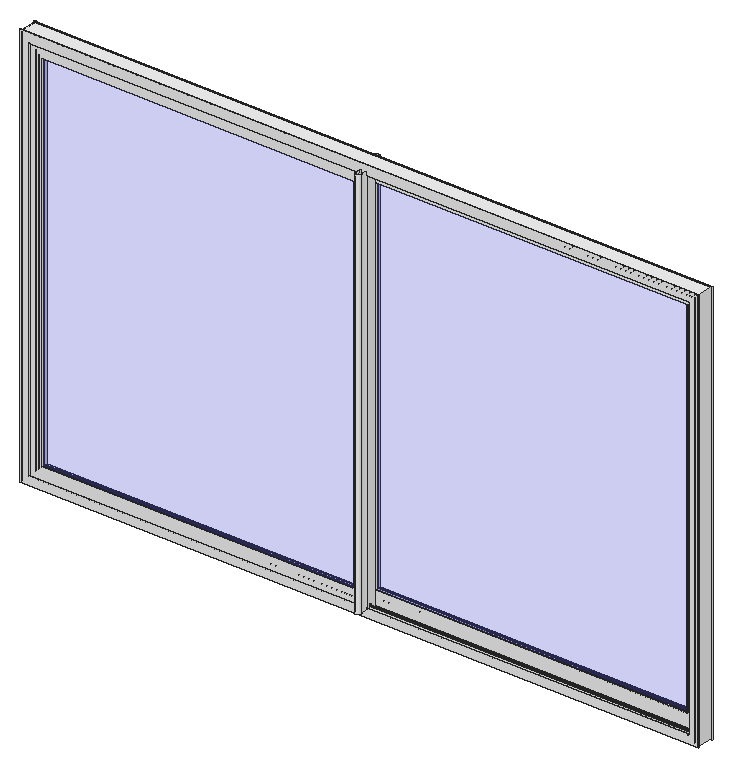
Revit family "1000_Sliding_Window_XX_Standard", category Windows, host Wall, Revit 2014 (continued)
Types (118, lengths in mm): name | Windload Design | Width Sash Right | Width Sash Left | Width | Standard Interlocker | Sash Width Right | Sash Width Left | Sash Height | Overall Width | Overall Height | Max Pane Area | Limit Sash Width Left Min | Limit Sash Width Left Max | Is Heavy Duty Mullion | Intruderprufe U Value | Intruderprufe SHGC Value | Intruderprufe LowE U Value | Intruderprufe LowE SHGC Value | Height Sash | Height | Heavy Duty Interlocker | Glazing Thickness | Energy Advantage U Value | Energy Advantage SHGC Value | Custom Window Width | Custom Window Height | Custom Windload | Clearvue U Value | Clearvue SHGC Value | Area Right Sash Glazing | Area Left Sash Glazing
  1000SW-1812XX-1500Pa | 1500 | 1500 | 1500 | 1790 | yes | 895.7 | 895.7 | 1132.6 | 2998.6 | 1800 | 0.820543 m² | 300 | 1491.4 | 0 | 5.77 | 0.651 | 4.27 | 0.569 | 1742.6 | 1190 | no | 4 | 4.32 | 0.614 | 1790 | 1190 | 1500 | 5.88 | 0.686 | 0.820543 m² | 0.820543 m²
  1000SW-1812XX-2000Pa | 2000 | 1500 | 1500 | 1790 | yes | 895.7 | 895.7 | 1132.6 | 2998.6 | 1800 | 0.820543 m² | 300 | 1491.4 | 0 | 5.77 | 0.651 | 4.27 | 0.569 | 1742.6 | 1190 | no | 4 | 4.32 | 0.614 | 1790 | 1190 | 2000 | 5.88 | 0.686 | 0.820543 m² | 0.820543 m²
  1000SW-1815XX-1500Pa | 1500 | 1495.7 | 1495.7 | 1790 | no | 895.7 | 895.7 | 1432.6 | 2990 | 1190 | 1.05907 m² | 300 | 1491.4 | 1 | 5.72 | 0.672 | 4.16 | 0.587 | 1132.6 | 1490 | yes | 4 | 4.22 | 0.633 | 1790 | 1490 | 1500 | 5.83 | 0.708 | 1.05907 m² | 1.05907 m²
  1000SW-1815XX-2000Pa | 2000 | 1495.7 | 1495.7 | 1790 | no | 895.7 | 895.7 | 1432.6 | 2990 | 1190 | 1.05907 m² | 300 | 1491.4 | 1 | 5.72 | 0.672 | 4.16 | 0.587 | 1132.6 | 1490 | yes | 4 | 4.22 | 0.633 | 1790 | 1490 | 2000 | 5.83 | 0.708 | 1.05907 m² | 1.05907 m²
  1000SW-1818XX-1500Pa | 1500 | 1495.7 | 1495.7 | 1790 | no | 895.7 | 895.7 | 1732.6 | 2990 | 1490 | 1.2976 m² | 300 | 1491.4 | 1 | 5.68 | 0.686 | 4.09 | 0.6 | 1432.6 | 1790 | yes | 4 | 4.15 | 0.646 | 1790 | 1790 | 1500 | 5.8 | 0.723 | 1.2976 m² | 1.2976 m²
  1000SW-1818XX-2000Pa | 2000 | 1495.7 | 1495.7 | 1790 | no | 895.7 | 895.7 | 1732.6 | 2990 | 1490 | 1.2976 m² | 300 | 1491.4 | 1 | 5.68 | 0.686 | 4.09 | 0.6 | 1432.6 | 1790 | yes | 4 | 4.15 | 0.646 | 1790 | 1790 | 2000 | 5.8 | 0.723 | 1.2976 m² | 1.2976 m²
  1000SW-2106XX-1500Pa | 1500 | 1045.7 | 1045.7 | 2090 | yes | 1045.7 | 1045.7 | 532.6 | 2090 | 590 | 0.408283 m² | 591.4 | 1500 | 0 | 6.05 | 0.552 | 4.8 | 0.48 | 532.6 | 590 | no | 4 | 4.84 | 0.521 | 2090 | 590 | 1500 | 6.17 | 0.581 | 0.408283 m² | 0.408283 m²
  1000SW-2106XX-2000Pa | 2000 | 1045.7 | 1045.7 | 2090 | yes | 1045.7 | 1045.7 | 532.6 | 2090 | 590 | 0.408283 m² | 591.4 | 1500 | 0 | 6.05 | 0.552 | 4.8 | 0.48 | 532.6 | 590 | no | 4 | 4.84 | 0.521 | 2090 | 590 | 2000 | 6.17 | 0.581 | 0.408283 m² | 0.408283 m²
  1000SW-2109XX-1500Pa | 1500 | 1500 | 1500 | 2090 | yes | 1045.7 | 1045.7 | 832.6 | 2998.6 | 1800 | 0.691813 m² | 591.4 | 1500 | 0 | 5.88 | 0.623 | 4.44 | 0.543 | 1742.6 | 890 | no | 4 | 4.49 | 0.587 | 2090 | 890 | 1500 | 6 | 0.656 | 0.691813 m² | 0.691813 m²
  1000SW-2109XX-2000Pa | 2000 | 1500 | 1500 | 2090 | yes | 1045.7 | 1045.7 | 832.6 | 2998.6 | 1800 | 0.691813 m² | 591.4 | 1500 | 0 | 5.88 | 0.623 | 4.44 | 0.543 | 1742.6 | 890 | no | 4 | 4.49 | 0.587 | 2090 | 890 | 2000 | 6 | 0.656 | 0.691813 m² | 0.691813 m²
  1000SW-2112XX-1500Pa | 1500 | 1500 | 1500 | 2090 | yes | 1045.7 | 1045.7 | 1132.6 | 2998.6 | 1800 | 0.975343 m² | 591.4 | 1500 | 0 | 5.8 | 0.658 | 4.26 | 0.574 | 1742.6 | 1190 | no | 4 | 4.32 | 0.62 | 2090 | 1190 | 1500 | 5.92 | 0.693 | 0.975343 m² | 0.975343 m²
  1000SW-2112XX-2000Pa | 2000 | 1500 | 1500 | 2090 | yes | 1045.7 | 1045.7 | 1132.6 | 2998.6 | 1800 | 0.975343 m² | 591.4 | 1500 | 0 | 5.8 | 0.658 | 4.26 | 0.574 | 1742.6 | 1190 | no | 4 | 4.32 | 0.62 | 2090 | 1190 | 2000 | 5.92 | 0.693 | 0.975343 m² | 0.975343 m²
  1000SW-2115XX-1500Pa | 1500 | 1045.7 | 1045.7 | 2090 | no | 1045.7 | 1045.7 | 1432.6 | 2090 | 590 | 1.25887 m² | 591.4 | 1500 | 1 | 5.75 | 0.679 | 4.15 | 0.595 | 532.6 | 1490 | yes | 4 | 4.21 | 0.639 | 2090 | 1490 | 1500 | 5.87 | 0.715 | 1.25887 m² | 1.25887 m²
  1000SW-2115XX-2000Pa | 2000 | 1045.7 | 1045.7 | 2090 | no | 1045.7 | 1045.7 | 1432.6 | 2090 | 590 | 1.25887 m² | 591.4 | 1500 | 1 | 5.75 | 0.679 | 4.15 | 0.595 | 532.6 | 1490 | yes | 4 | 4.21 | 0.639 | 2090 | 1490 | 2000 | 5.87 | 0.715 | 1.25887 m² | 1.25887 m²
  1000SW-2118XX-1500Pa | 1500 | 1495.7 | 1495.7 | 2090 | no | 1045.7 | 1045.7 | 1732.6 | 2990 | 1490 | 1.5424 m² | 591.4 | 1500 | 1 | 5.71 | 0.693 | 4.08 | 0.605 | 1432.6 | 1790 | yes | 5 | 4.14 | 0.652 | 2090 | 1790 | 1500 | 5.83 | 0.73 | 1.5424 m² | 1.5424 m²
  1000SW-2118XX-2000Pa | 2000 | 1495.7 | 1495.7 | 2090 | no | 1045.7 | 1045.7 | 1732.6 | 2990 | 1490 | 1.5424 m² | 591.4 | 1500 | 1 | 5.71 | 0.693 | 4.08 | 0.605 | 1432.6 | 1790 | yes | 5 | 4.14 | 0.652 | 2090 | 1790 | 2000 | 5.83 | 0.73 | 1.5424 m² | 1.5424 m²
  1000SW-2406XX-1500Pa | 1500 | 1500 | 1500 | 2390 | yes | 1195.7 | 1195.7 | 532.6 | 2998.6 | 1800 | 0.473083 m² | 891.4 | 1500 | 0 | 6.08 | 0.556 | 4.8 | 0.484 | 1742.6 | 590 | no | 4 | 4.84 | 0.525 | 2390 | 590 | 1500 | 6.19 | 0.586 | 0.473083 m² | 0.473083 m²
  1000SW-2406XX-2000Pa | 2000 | 1500 | 1500 | 2390 | yes | 1195.7 | 1195.7 | 532.6 | 2998.6 | 1800 | 0.473083 m² | 891.4 | 1500 | 0 | 6.08 | 0.556 | 4.8 | 0.484 | 1742.6 | 590 | no | 4 | 4.84 | 0.525 | 2390 | 590 | 2000 | 6.19 | 0.586 | 0.473083 m² | 0.473083 m²
  1000SW-2409XX-1500Pa | 1500 | 1500 | 1500 | 2390 | yes | 1195.7 | 1195.7 | 832.6 | 2998.6 | 1800 | 0.801613 m² | 891.4 | 1500 | 0 | 5.91 | 0.627 | 4.44 | 0.547 | 1742.6 | 890 | no | 4 | 4.48 | 0.591 | 2390 | 890 | 1500 | 6.02 | 0.661 | 0.801613 m² | 0.801613 m²
  1000SW-2409XX-2000Pa | 2000 | 1195.7 | 1195.7 | 2390 | yes | 1195.7 | 1195.7 | 832.6 | 2390 | 890 | 0.801613 m² | 891.4 | 1500 | 0 | 5.91 | 0.627 | 4.44 | 0.547 | 832.6 | 890 | no | 4 | 4.48 | 0.591 | 2390 | 890 | 2000 | 6.02 | 0.661 | 0.801613 m² | 0.801613 m²
  1000SW-2412XX-1500Pa | 1500 | 1500 | 1500 | 2390 | yes | 1195.7 | 1195.7 | 1132.6 | 2998.6 | 1800 | 1.13014 m² | 891.4 | 1500 | 0 | 5.82 | 0.663 | 4.26 | 0.578 | 1742.6 | 1190 | no | 4 | 4.31 | 0.624 | 2390 | 1190 | 1500 | 5.94 | 0.698 | 1.13014 m² | 1.13014 m²
  1000SW-2412XX-2000Pa | 2000 | 1500 | 1500 | 2390 | yes | 1195.7 | 1195.7 | 1132.6 | 2998.6 | 1800 | 1.13014 m² | 891.4 | 1500 | 0 | 5.82 | 0.663 | 4.26 | 0.578 | 1742.6 | 1190 | no | 4 | 4.31 | 0.624 | 2390 | 1190 | 2000 | 5.94 | 0.698 | 1.13014 m² | 1.13014 m²
  1000SW-2415XX-1500Pa | 1500 | 1045.7 | 1045.7 | 2390 | no | 1195.7 | 1195.7 | 1432.6 | 2090 | 590 | 1.45867 m² | 891.4 | 1500 | 1 | 5.77 | 0.684 | 4.15 | 0.597 | 532.6 | 1490 | yes | 4 | 4.2 | 0.644 | 2390 | 1490 | 1500 | 5.89 | 0.721 | 1.45867 m² | 1.45867 m²
  1000SW-2415XX-2000Pa | 2000 | 1045.7 | 1045.7 | 2390 | no | 1195.7 | 1195.7 | 1432.6 | 2090 | 590 | 1.45867 m² | 891.4 | 1500 | 1 | 5.77 | 0.684 | 4.15 | 0.597 | 532.6 | 1490 | yes | 4 | 4.2 | 0.644 | 2390 | 1490 | 2000 | 5.89 | 0.721 | 1.45867 m² | 1.45867 m²
  1000SW-2418XX-1500Pa | 1500 | 1495.7 | 1495.7 | 2390 | no | 1195.7 | 1195.7 | 1732.6 | 2990 | 1490 | 1.7872 m² | 891.4 | 1500 | 1 | 5.74 | 0.698 | 4.07 | 0.61 | 1432.6 | 1790 | yes | 5 | 4.13 | 0.657 | 2390 | 1790 | 1500 | 5.86 | 0.735 | 1.7872 m² | 1.7872 m²
  1000SW-2418XX-2000Pa | 2000 | 1495.7 | 1495.7 | 2390 | no | 1195.7 | 1195.7 | 1732.6 | 2990 | 1490 | 1.7872 m² | 891.4 | 1500 | 1 | 5.74 | 0.698 | 4.07 | 0.61 | 1432.6 | 1790 | yes | 5 | 4.13 | 0.657 | 2390 | 1790 | 2000 | 5.86 | 0.735 | 1.7872 m² | 1.7872 m²
  1000SW-2706XX-1500Pa | 1500 | 1500 | 1500 | 2690 | yes | 1345.7 | 1345.7 | 532.6 | 2998.6 | 1800 | 0.537883 m² | 1191.4 | 1500 | 0 | 6.09 | 0.559 | 4.8 | 0.486 | 1742.6 | 590 | no | 4 | 4.84 | 0.528 | 2690 | 590 | 1500 | 6.21 | 0.589 | 0.537883 m² | 0.537883 m²
  1000SW-2706XX-2000Pa | 2000 | 1500 | 1500 | 2690 | yes | 1345.7 | 1345.7 | 532.6 | 2998.6 | 1800 | 0.537883 m² | 1191.4 | 1500 | 0 | 6.09 | 0.559 | 4.8 | 0.486 | 1742.6 | 590 | no | 4 | 4.84 | 0.528 | 2690 | 590 | 2000 | 6.21 | 0.589 | 0.537883 m² | 0.537883 m²
  1000SW-2709XX-1500Pa | 1500 | 1500 | 1500 | 2690 | yes | 1345.7 | 1345.7 | 832.6 | 2998.6 | 1800 | 0.911413 m² | 1191.4 | 1500 | 0 | 5.92 | 0.631 | 4.43 | 0.55 | 1742.6 | 890 | no | 4 | 4.48 | 0.595 | 2690 | 890 | 1500 | 6.04 | 0.665 | 0.911413 m² | 0.911413 m²
  1000SW-2709XX-2000Pa | 2000 | 1500 | 1500 | 2690 | yes | 1345.7 | 1345.7 | 832.6 | 2998.6 | 1800 | 0.911413 m² | 1191.4 | 1500 | 0 | 5.92 | 0.631 | 4.43 | 0.55 | 1742.6 | 890 | no | 4 | 4.48 | 0.595 | 2690 | 890 | 2000 | 6.04 | 0.665 | 0.911413 m² | 0.911413 m²
  1000SW-2712XX-2000Pa | 2000 | 1500 | 1500 | 2690 | yes | 1345.7 | 1345.7 | 1132.6 | 2998.6 | 1800 | 1.28494 m² | 1191.4 | 1500 | 0 | 5.84 | 0.666 | 4.25 | 0.582 | 1742.6 | 1190 | no | 4 | 4.3 | 0.628 | 2690 | 1190 | 2000 | 5.96 | 0.702 | 1.28494 m² | 1.28494 m²
  1000SW-2715XX-1500Pa | 1500 | 1045.7 | 1045.7 | 2690 | no | 1345.7 | 1345.7 | 1432.6 | 2090 | 590 | 1.65847 m² | 1191.4 | 1500 | 1 | 5.79 | 0.687 | 4.14 | 0.601 | 532.6 | 1490 | yes | 5 | 4.2 | 0.648 | 2690 | 1490 | 1500 | 5.91 | 0.725 | 1.65847 m² | 1.65847 m²
  1000SW-2715XX-2000Pa | 2000 | 1045.7 | 1045.7 | 2690 | no | 1345.7 | 1345.7 | 1432.6 | 2090 | 590 | 1.65847 m² | 1191.4 | 1500 | 1 | 5.79 | 0.687 | 4.14 | 0.601 | 532.6 | 1490 | yes | 5 | 4.2 | 0.648 | 2690 | 1490 | 2000 | 5.91 | 0.725 | 1.65847 m² | 1.65847 m²
  1000SW-2718XX-1500Pa | 1500 | 1495.7 | 1495.7 | 2690 | no | 1345.7 | 1345.7 | 1732.6 | 2990 | 1490 | 2.032 m² | 1191.4 | 1500 | 1 | 5.76 | 0.702 | 4.07 | 0.613 | 1432.6 | 1790 | yes | 5 | 4.13 | 0.661 | 2690 | 1790 | 1500 | 5.88 | 0.74 | 2.032 m² | 2.032 m²
  1000SW-2718XX-2000Pa | 2000 | 1495.7 | 1495.7 | 2690 | no | 1345.7 | 1345.7 | 1732.6 | 2990 | 1490 | 2.032 m² | 1191.4 | 1500 | 1 | 5.76 | 0.702 | 4.07 | 0.613 | 1432.6 | 1790 | yes | 5 | 4.13 | 0.661 | 2690 | 1790 | 2000 | 5.88 | 0.74 | 2.032 m² | 2.032 m²
  1000SW-3006XX-1500Pa | 1500 | 1500 | 1500 | 2990 | yes | 1495.7 | 1495.7 | 532.6 | 2998.6 | 1800 | 0.602683 m² | 1491.4 | 1500 | 0 | 6.11 | 0.562 | 4.8 | 0.488 | 1742.6 | 590 | no | 4 | 4.84 | 0.53 | 2990 | 590 | 1500 | 6.22 | 0.592 | 0.602683 m² | 0.602683 m²
  1000SW-3006XX-2000Pa | 2000 | 1500 | 1500 | 2990 | yes | 1495.7 | 1495.7 | 532.6 | 2998.6 | 1800 | 0.602683 m² | 1491.4 | 1500 | 0 | 6.11 | 0.562 | 4.8 | 0.488 | 1742.6 | 590 | no | 4 | 4.84 | 0.53 | 2990 | 590 | 2000 | 6.22 | 0.592 | 0.602683 m² | 0.602683 m²
  1000SW-3009XX-1500Pa | 1500 | 1500 | 1500 | 2990 | yes | 1495.7 | 1495.7 | 832.6 | 2998.6 | 1800 | 1.02121 m² | 1491.4 | 1500 | 0 | 5.94 | 0.634 | 4.43 | 0.552 | 1742.6 | 890 | no | 4 | 4.48 | 0.597 | 2990 | 890 | 1500 | 6.06 | 0.668 | 1.02121 m² | 1.02121 m²
  1000SW-3009XX-2000Pa | 2000 | 1500 | 1500 | 2990 | yes | 1495.7 | 1495.7 | 832.6 | 2998.6 | 1800 | 1.02121 m² | 1491.4 | 1500 | 0 | 5.94 | 0.634 | 4.43 | 0.552 | 1742.6 | 890 | no | 4 | 4.48 | 0.597 | 2990 | 890 | 2000 | 6.06 | 0.668 | 1.02121 m² | 1.02121 m²
  1000SW-3012XX-1500Pa | 1500 | 1495.7 | 1495.7 | 2990 | yes | 1495.7 | 1495.7 | 1132.6 | 2990 | 1190 | 1.43974 m² | 1491.4 | 1500 | 0 | 5.86 | 0.669 | 4.25 | 0.584 | 1132.6 | 1190 | no | 4 | 4.3 | 0.631 | 2990 | 1190 | 1500 | 5.98 | 0.705 | 1.43974 m² | 1.43974 m²
  1000SW-3012XX-2000Pa | 2000 | 1495.7 | 1495.7 | 2990 | yes | 1495.7 | 1495.7 | 1132.6 | 2990 | 1190 | 1.43974 m² | 1491.4 | 1500 | 0 | 5.86 | 0.669 | 4.25 | 0.584 | 1132.6 | 1190 | no | 4 | 4.3 | 0.631 | 2990 | 1190 | 2000 | 5.98 | 0.705 | 1.43974 m² | 1.43974 m²
  1000SW-3015XX-1500Pa | 1500 | 1495.7 | 1495.7 | 2990 | no | 1495.7 | 1495.7 | 1432.6 | 2990 | 1490 | 1.85827 m² | 1491.4 | 1500 | 1 | 5.81 | 0.691 | 4.14 | 0.603 | 1432.6 | 1490 | yes | 5 | 4.19 | 0.651 | 2990 | 1490 | 1500 | 5.93 | 0.728 | 1.85827 m² | 1.85827 m²
  1000SW-3015XX-2000Pa | 2000 | 1495.7 | 1495.7 | 2990 | no | 1495.7 | 1495.7 | 1432.6 | 2990 | 1490 | 1.85827 m² | 1491.4 | 1500 | 1 | 5.81 | 0.691 | 4.14 | 0.603 | 1432.6 | 1490 | yes | 5 | 4.19 | 0.651 | 2990 | 1490 | 2000 | 5.93 | 0.728 | 1.85827 m² | 1.85827 m²
  1000SW-3018XX-2000Pa | 2000 | 1495.7 | 1495.7 | 2990 | no | 1495.7 | 1495.7 | 1732.6 | 2990 | 1790 | 2.2768 m² | 1491.4 | 1500 | 1 | 5.77 | 0.705 | 4.06 | 0.616 | 1732.6 | 1790 | yes | 6.4 | 4.12 | 0.664 | 2990 | 1790 | 2000 | 5.9 | 0.743 | 2.2768 m² | 2.2768 m²
  1000SW-3018XX-1500Pa | 1500 | 1495.7 | 1495.7 | 2990 | no | 1495.7 | 1495.7 | 1732.6 | 2990 | 1790 | 2.2768 m² | 1491.4 | 1500 | 1 | 5.77 | 0.705 | 4.06 | 0.616 | 1732.6 | 1790 | yes | 6.4 | 4.12 | 0.664 | 2990 | 1790 | 1500 | 5.9 | 0.743 | 2.2768 m² | 2.2768 m²
  1000SW-2712XX-1500Pa | 1500 | 1500 | 1500 | 2690 | yes | 1345.7 | 1345.7 | 1132.6 | 2998.6 | 1800 | 1.28494 m² | 1191.4 | 1500 | 0 | 5.84 | 0.666 | 4.25 | 0.582 | 1742.6 | 1190 | no | 4 | 4.3 | 0.628 | 2690 | 1190 | 1500 | 5.96 | 0.702 | 1.28494 m² | 1.28494 m²
